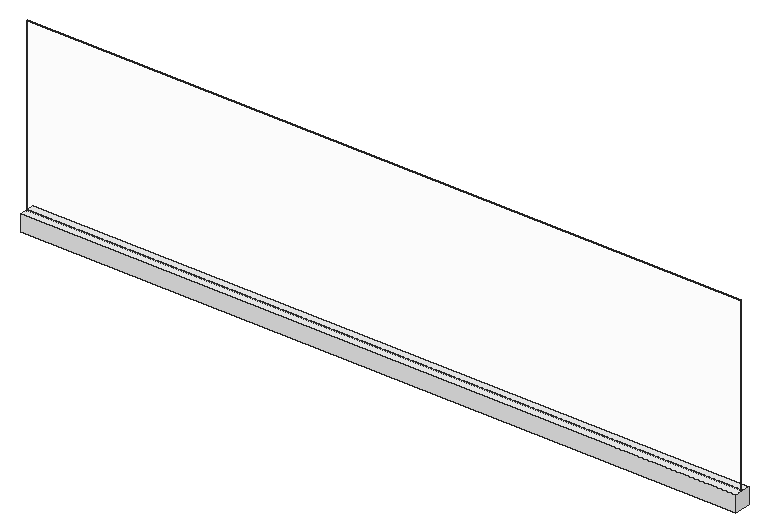
Revit family "Screens-Mounted-Teknion-JNSAGW-Glass_Add-On-R2015", category Furniture, Revit 2015
Parameters (values of type "Standard Width")
  One Side Shared Screen = no
  One Side Full Screen or Both Sides Shared Screens = no
  Glass Finish [instance] = Glass - Teknion - A5 - Standard - Clear
  Available Widths [instance] = "18 to 84 inches in 3 inch increments"  # constant formula
  Width [instance] = 84.000"
  Warranty = "http://www.teknion.com/ca/papers/legal-canada"
  Unit Weight URL = "http://www.teknion.com/ca/tools/assets#&asset=bee6a381-b954-425e-8283-5a2de3a804f2,f828d448-4b62-4231-9e5f-9a8991c0ed77"
  URL = "www.teknion.com"
  Sustainability Data = "http://www.teknion.com/ca/tools/assets#&topic=216f99a5-57a0-44fc-b10a-9dee9b29ae4c&asset=444deb64-fe58-4b68-981e-f75e97781df7"
  Series = "Expansion Cityline"  # constant formula
  Screen Metal Frame Finish [instance] = Mica - Teknion - V - Satin - Very White
  Product Page URL = "http://www.teknion.com/ca/products/product-details?productlineid=9ad2a26e-8e7a-673b-a6c8-ff05004460c4"
  Product Line = "Expansion Cityline"  # constant formula
  Product Documentation Link = "http://www.teknion.com/pricing/expansion-cityline/pdfs/JNSAGW_ppg.pdf"
  Part Number = "JNSAGW"  # constant formula
  Model = "JNSAGW__SS"
  Manufacturer Phone = "416-661-3370"  # constant formula
  Manufacturer Fax = "416.661.4586"  # constant formula
  Manufacturer Contact Information = "http://www.teknion.com/ca/contactus"
  Manufacturer Address = "1150 Flint Road, Toronto, ON. M3J 2J5. Canada"  # constant formula
  Manufacturer = "Teknion"  # constant formula
  Available Heights [instance] = "42, 51 inches"  # constant formula
  Height [instance] = 51.000"
  Standard Width = yes
  Description = "Glass Add-On Screen – Desk-Mounted, Standard Width, Standard Corner Detail"
  Assembly Code = "E2020200"
  Actual Width [instance] = if(Standard Width, Width, if(One Side Shared Screen, Width - 0.945", Width - 1.890"))  # 84.000"
  Actual Height [instance] = if(Height = 51.000", 50.830", Height)  # 50.830"
Types (4): name | One Side Shared Screen | One Side Full Screen or Both Sides Shared Screens | Model | Standard Width | Description | Actual Width
  (no name) | no | no | "JNSAGW__SS" | yes | "Glass Add-On Screen – Desk-Mounted, Standard Width, Standard Corner Detail" | 84.000"
  Standard Width | no | no | "JNSAGW__SS" | yes | "Glass Add-On Screen – Desk-Mounted, Standard Width, Standard Corner Detail" | 84.000"
  One Side Shared Screen | yes | no | "JNSAGW__HS" | no | "Glass Add-On Screen – Desk-Mounted, One Side Shared Screen, Standard Corner Detail" | 83.055"
  One Side Full Screen or Both Sides Shared Screens | no | yes | "JNSAGW__FS" | no | "Glass Add-On Screen – Desk-Mounted, One Side Full Screen or Both Sides Shared Screens, Standard Corner Detail" | 82.110"
Reference planes (in)
  plane 1 "Center Front/Back": y = 0
  plane 2: z = 0
  plane 3 "Center Left/Right": x = 0
  plane 4 "Left": x = -42
  plane 5 "Right": x = 42
  plane 6 "Back": y = 0.94488
  plane 7 "Front": y = -0.94488
  plane 8 "Top": z = 50.83
  plane 9: z = 29
  plane 10: z = 29.41339
  plane 11: z = 30.60236
  plane 12: z = 30.88976
  plane 13: y = 0.11811
  plane 14: y = -0.11811
  plane 15: x = -41.94094
  plane 16: x = 41.941
Forms (in)
  Extrusion 1, solid, material "Mica - Teknion - V - Satin - Very White" <- "Screen Metal Frame Finish"
    sketch origin (-42, 0, 0) x (0, 1, 0) y (0, 0, 1)
      loop
        line (0.94488, 29) -> (0.94488, 30.88976) -> (-0.94488, 30.88976) -> (-0.94488, 29) -> (0.94488, 29)
    from 0 to 84
  Extrusion 2, void
    sketch origin (-42, 0, 0) x (0, 1, 0) y (0, 0, 1)
      loop
        line (0.11811, 30.88976) -> (-0.11811, 30.88976) -> (-0.11811, 29.41339) -> (0.11811, 29.41339) -> (0.11811, 30.88976)
    from 0.05906 to 83.941
  Extrusion 3, solid, material "Glass - Teknion - A5 - Standard - Clear" <- "Glass Finish"
    sketch origin (-42, 0, 0) x (0, 1, 0) y (0, 0, 1)
      loop
        line (0.11811, 50.83) -> (-0.11811, 50.83) -> (-0.11811, 30.60236) -> (0.11811, 30.60236) -> (0.11811, 50.83)
    from 0.05906 to 83.941
Cuts and joins
  Extrusion 2 cuts Extrusion 1
Lines and regions (in)
  Masking region 1
    outline origin (0, 0, 0) x (1, 0, 0) y (0, 1, 0)
      loop
        line (-42, 0.94488) -> (-42, -0.94488) -> (42, -0.94488) -> (42, 0.94488) -> (-42, 0.94488)
  reference lines, not visible
    curve 1: line (-42, 0.94488, 0) -> (42, 0.94488, 0)
    curve 2: line (-42, 0.94488, 0) -> (-42, -0.94488, 0)
    curve 3: line (-42, -0.94488, 0) -> (42, -0.94488, 0)
    curve 4: line (42, 0.94488, 0) -> (42, -0.94488, 0)
  symbolic lines
    curve 5: line (-41.94094, 0.11811, 0) -> (41.941, 0.11811, 0)
    curve 6: line (-41.94094, -0.11811, 0) -> (41.941, -0.11811, 0)
  symbolic lines, style "Furniture"
    curve 7: line (-41.94094, 0.11811, 0) -> (-41.94094, -0.11811, 0)
    curve 8: line (41.941, 0.11811, 0) -> (41.941, -0.11811, 0)
Dimensions and locks (in)
  "Actual Width": plane 4 "Left" to plane 5 "Right"
  plane 6 "Back" to plane 13 to plane 1 "Center Front/Back" to plane 14 to plane 7 "Front" = 0.82677" locked, 0.11811" locked, 0.11811" locked, 0.82677" locked
  "Actual Height": plane 8 "Top" to level
  equal spacing: plane 4 "Left", plane 3 "Center Left/Right", plane 5 "Right"
  plane 12 to plane 11 to plane 10 to plane 9 to level = 0.2874" locked, 1.18898" locked, 0.41339" locked, 29.000" locked
  locked: plane 4 "Left" to plane 15 at 0.05906
  locked: plane 16 to plane 5 "Right" at 0.059
  aligned and locked: level to plane 2
  aligned and locked: Extrusion 1 sketch curve to plane 6 "Back"
  aligned and locked: Extrusion 1 sketch curve to plane 9
  aligned and locked: Extrusion 1 sketch curve to plane 7 "Front"
  aligned and locked: Extrusion 1 sketch curve to plane 12
  aligned and locked: Extrusion 1 to plane 5 "Right"
  aligned and locked: Extrusion 1 to plane 4 "Left"
  aligned and locked: Extrusion 2 sketch curve to plane 13
  aligned and locked: plane 14 to Extrusion 2 sketch curve
  aligned and locked: Extrusion 2 sketch curve to plane 10
  aligned and locked: cut or joined group of Extrusion 1, Extrusion 2 to plane 15
  aligned and locked: plane 16 to cut or joined group of Extrusion 1, Extrusion 2
  aligned and locked: Extrusion 3 sketch curve to plane 13
  aligned and locked: plane 14 to Extrusion 3 sketch curve
  aligned and locked: plane 11 to Extrusion 3 sketch curve
  aligned and locked: Extrusion 3 to plane 15
  aligned and locked: plane 16 to Extrusion 3
  aligned and locked: curve 1 to plane 6 "Back"
  aligned and locked: curve 2 to plane 4 "Left"
  aligned and locked: plane 7 "Front" to curve 3
  aligned and locked: curve 4 to plane 5 "Right"
  aligned and locked: Masking region 1 sketch curve to plane 6 "Back"
  aligned and locked: Masking region 1 sketch curve to plane 4 "Left"
  aligned and locked: Masking region 1 sketch curve to plane 7 "Front"
  aligned and locked: Masking region 1 sketch curve to plane 5 "Right"
  aligned and locked: curve 6 to plane 14
  aligned and locked: plane 12 to Extrusion 2 sketch curve
  aligned and locked: plane 8 "Top" to Extrusion 3
  aligned and locked: curve 7 to plane 15
Automatic sketch dimensions
  plane 8 "Top" to Extrusion 3 sketch curve = 0.000"
  curve 7 to plane 13 = 0.000"
  curve 6 to plane 16 = 0.000"
